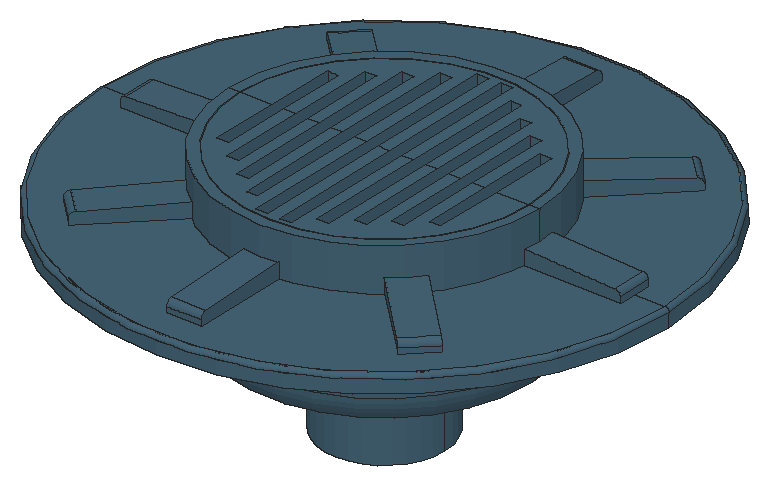
Revit family "Drain_Deck_Parking_9_Inch_Round_Top-Zurn-Z533-Heavy-Duty", category Plumbing Fixtures, Revit 2022
Family settings
  Round Connector Dimension = Use Radius
  Part Type = Normal
  OmniClass Number = 23.45.55.21
  OmniClass Title = Drains (Wastes)
  Work Plane-Based = No
  Always vertical = Yes
  Cut with Voids When Loaded = No
  Maintain Annotation Orientation = No
  Shared = No
  Room Calculation Point = No
Parameters (values of type "Load Family Catalog")
  ZN-Top = no
  Waste Connection = 1 = 1  # yes
  WFU = 0  # constant formula
  Vent Connection = 1 = 0  # no
  URL = "www.zurn.com"
  Type Comments = "Z533-3 Inch No-Hub Outlet"
  Trap Primer = 1 = 1  # yes
  Top diameter = 9.000"
  Top Grate diameter = Top diameter - 1.000"  # 8.000"
  Grate Open Area (Sq. In) = "16"
  Grate Material = Iron - Zurn - Cast - Painted - Blue
  Product data url = "https://www.bimobject.com/en/zurnindustries/product/Z533"
  Product Page URL = "https://www.zurn.com/products/drainage-interceptors/floor-drains/parking-deck/z533"
  Product Documentation Link = "https://files.zurn.com/spec-sheets/z533.pdf"
  Frame Height = 2.000"
  Connector Radius = [A_ Pipe Size (Nominal)] / 2  # 1.500"
  Model = "Z533-3NH"
  Main Material = Iron - Zurn - Cast - Painted - Blue
  HWFU = 0  # constant formula
  HW Connection = 1 = 0  # no
  Description = "9 [229] DIAMETER HEAVY-DUTY PARKING DECK DRAIN W/ SUPPORT FLANGE"  # constant formula
  CWFU = 0  # constant formula
  CW Connection = 1 = 0  # no
  Assembly Code = "D2030300"
  A_ Pipe Size (Nominal) = 3.000"
  A_ Pipe Size (Actual-Outer) = 3.500"
  A_ Pipe Size (Actual-Inner) = 3.068"
  Modified Date = "12/23/2025"  # constant formula
  Manufacurer Brand = "Zurn"  # constant formula
  Manufacturer = "Zurn Water, LLC"  # constant formula
  E_ Body Height = 5.250"
  Default Elevation = 4.000"  # constant formula
  Date Created = "11/02/2017"  # constant formula
  Approx. Weight (Lbs) = 48.000"
Reference planes (in)
  plane 1 "Center (Front/Back)": y = 0
  plane 2 "Top Level": z = -2
  plane 3 "Center (Left/Right)": x = 0
  plane 4: through (-4.38902, 4.38902, 48) normal (0.7071, 0.7071, 0)
  plane 5: through (4.7432, 4.7432, 48) normal (0.7071, -0.7071, 0)
  plane 6: x = -4.5
  plane 7: x = 4.5
  plane 8: x = -4.1875
  plane 9: x = 4.1875
  plane 10: x = -4.0625
  plane 11: x = 4.0625
  plane 12: z = -0.125
  plane 13: z = -0.625
  plane 14: x = -1.75
  plane 15: x = 1.75
  plane 16: x = -1.534
  plane 17: x = 1.534
  plane 18: z = -4.5625
  plane 19: z = -4.8125
  plane 20: z = -7.25
  plane 21: z = -2.25
  plane 22: z = 0
  plane 23: y = 1.75
  plane 24: y = -1.75
  plane 25: y = 4.5
  plane 26: y = -4.5
  plane 27: x = -8.25
  plane 28: x = 8.25
  plane 29: x = -7.25
  plane 30: x = 7.25
  plane 31: x = -6.25
  plane 32: x = 6.25
  plane 33: z = -1.25
  plane 34: z = -1.75
  plane 35: x = -8
  plane 36: z = 1
Forms (in)
  Revolve 1, solid, material "Iron - Zurn - Cast - Painted - Blue" <- "Main Material", detail levels fine
    sketch origin (0, 0, 0) x (1, 0, 0) y (0, 0, 1)
      loop
        line (-6, -2) -> (-6, -2.25) -> (-5.78473, -2.25) -> (-4.73379, -2.54774) -> (-4.61551, -3.89966)
        arc (-4.61551, -3.89966) -> (-4.29491, -4.54978) -> (-3.61932, -4.8125) r 1
        line (-3.61932, -4.8125) -> (-2.25, -4.8125)
        arc (-2.25, -4.8125) -> (-1.89645, -4.95895) -> (-1.75, -5.3125) r 0.5
        line (-1.75, -5.3125) -> (-1.75, -7.25) -> (-1.534, -7.25) -> (-1.534, -4.5625) -> (-3.61932, -4.5625)
        arc (-3.61932, -4.5625) -> (-4.12601, -4.36546) -> (-4.36647, -3.87787) r 0.75
        line (-4.36647, -3.87787) -> (-4.49977, -2.35421) -> (-5.75, -2) -> (-6, -2)
      axis (0, -7.25) -> (0, -2)
    angle from 0 to 360
  Revolve 2, solid, material "Iron - Zurn - Cast - Painted - Blue" <- "Main Material", detail levels fine
    sketch origin (0, 0, 0) x (1, 0, 0) y (0, 0, 1)
      loop
        line (-4.5, 0) -> (-4.5, -1.25) -> (-8.125, -1.25)
        arc (-8.125, -1.25) -> (-8.21339, -1.28661) -> (-8.25, -1.375) r 0.125
        line (-8.25, -1.375) -> (-8.25, -1.75) -> (-6.35, -1.75)
        arc (-6.35, -1.75) -> (-6.27929, -1.77929) -> (-6.25, -1.85) r 0.1
        line (-6.25, -1.85) -> (-6.25, -1.9)
        arc (-6.25, -1.9) -> (-6.22071, -1.97071) -> (-6.15, -2) r 0.1
        line (-6.15, -2) -> (-4.5, -2) -> (-4.5, -2.25) -> (-4.0625, -2.25) -> (-4.0625, -1.25) -> (-4.1875, -1.25) -> (-4.1875, 0) -> (-4.5, 0)
      axis (0, 0) -> (0, -2.25)
    angle from 0 to 360
  Revolve 3, solid, material "Iron - Zurn - Cast - Painted - Blue" <- "Grate Material", detail levels fine
    sketch origin (0, 0, 0) x (1, 0, 0) y (0, 0, 1)
      loop
        line (0, 0) -> (0, -0.625) -> (4.1875, -0.625) -> (4.1875, 0) -> (0, 0)
      axis (0, 0) -> (0, -0.625)
    angle from 0 to 360
  Revolve 4, solid, material "Iron - Zurn - Cast - Painted - Blue" <- "Grate Material", visible <- "ZN-Top", detail levels fine
    sketch origin (0, 0, 0) x (1, 0, 0) y (0, 0, 1)
      loop
        line (0, 0) -> (4.5, 0) -> (4.5, 0.1875) -> (0, 0.1875) -> (0, 0)
      axis (0, 0.1875) -> (0, 0)
    angle from 0 to 360
  Extrusion 5, solid, material "Iron - Zurn - Cast - Painted - Blue" <- "Main Material", visible <- "Waste Connection", detail levels fine
    sketch origin (0, 0, 0) x (-1, 0, 0) y (0, 0, 1)
      loop
        line (4.1875, -0.813) -> (4.1875, -1.438) -> (7.25, -1.438) -> (7.25, -1.09582)
        arc (7.25, -1.09582) -> (7.20273, -0.97847) -> (7.08732, -0.92664) r 0.16931
        line (7.08732, -0.92664) -> (4.1875, -0.813)
    from -0.5 to 0.5
  Extrusion 6, void
    sketch origin (0, 0, 0) x (1, 0, 0) y (0, 1, 0)
      loop
        line (-1.19737, 3.5) -> (-1.19737, -3.5) -> (-0.85526, -3.5) -> (-0.85526, 3.5) -> (-1.19737, 3.5)
      loop
        line (-1.88158, 3) -> (-1.88158, -3) -> (-1.53947, -3) -> (-1.53947, 3) -> (-1.88158, 3)
      loop
        line (-2.56579, 2.5) -> (-2.56579, -2.5) -> (-2.22368, -2.5) -> (-2.22368, 2.5) -> (-2.56579, 2.5)
      loop
        line (-3.25, 2) -> (-3.25, -2) -> (-2.90789, -2) -> (-2.90789, 2) -> (-3.25, 2)
      loop
        line (-0.51316, 4) -> (-0.51316, -4) -> (-0.17105, -4) -> (-0.17105, 4) -> (-0.51316, 4)
      loop
        line (0.17105, 4) -> (0.17105, -4) -> (0.51316, -4) -> (0.51316, 4) -> (0.17105, 4)
      loop
        line (0.85526, 3.5) -> (0.85526, -3.5) -> (1.19737, -3.5) -> (1.19737, 3.5) -> (0.85526, 3.5)
      loop
        line (1.88158, -3) -> (1.88158, 3) -> (1.53947, 3) -> (1.53947, -3) -> (1.88158, -3)
      loop
        line (2.22368, 2.5) -> (2.22368, -2.5) -> (2.56579, -2.5) -> (2.56579, 2.5) -> (2.22368, 2.5)
      loop
        line (2.90789, 2) -> (2.90789, -2) -> (3.25, -2) -> (3.25, 2) -> (2.90789, 2)
    from -0.625 to 1
  Extrusion 7, solid, material "Iron - Zurn - Cast - Painted - Blue" <- "Main Material", visible <- "Waste Connection", detail levels fine
    sketch origin (0, 0, 0) x (-0.707107, 0.707107, 0) y (0, 0, 1)
      loop
        line (4.1875, -0.813) -> (4.1875, -1.438) -> (7.25, -1.438) -> (7.25, -1.09582)
        arc (7.25, -1.09582) -> (7.20273, -0.97847) -> (7.08732, -0.92664) r 0.16931
        line (7.08732, -0.92664) -> (4.1875, -0.813)
    from -0.5 to 0.5
  Extrusion 8, solid, material "Iron - Zurn - Cast - Painted - Blue" <- "Main Material", visible <- "Waste Connection", detail levels fine
    sketch origin (0, 0, 0) x (-0.707107, -0.707107, 0) y (0, 0, 1)
      loop
        line (4.1875, -0.813) -> (4.1875, -1.438) -> (7.25, -1.438) -> (7.25, -1.09582)
        arc (7.25, -1.09582) -> (7.20273, -0.97847) -> (7.08732, -0.92664) r 0.16931
        line (7.08732, -0.92664) -> (4.1875, -0.813)
    from -0.5 to 0.5
  Extrusion 9, solid, material "Iron - Zurn - Cast - Painted - Blue" <- "Main Material", visible <- "Waste Connection", detail levels fine
    sketch origin (0, 0, 0) x (0, -1, 0) y (0, 0, 1)
      loop
        line (4.1875, -0.813) -> (4.1875, -1.438) -> (7.25, -1.438) -> (7.25, -1.09582)
        arc (7.25, -1.09582) -> (7.20273, -0.97847) -> (7.08732, -0.92664) r 0.16931
        line (7.08732, -0.92664) -> (4.1875, -0.813)
    from -0.5 to 0.5
  Extrusion 10, solid, material "Iron - Zurn - Cast - Painted - Blue" <- "Main Material", visible <- "Waste Connection", detail levels fine
    sketch origin (0, 0, 0) x (0.707107, -0.707107, 0) y (0, 0, 1)
      loop
        line (4.1875, -0.813) -> (4.1875, -1.438) -> (7.25, -1.438) -> (7.25, -1.09582)
        arc (7.25, -1.09582) -> (7.20273, -0.97847) -> (7.08732, -0.92664) r 0.16931
        line (7.08732, -0.92664) -> (4.1875, -0.813)
    from -0.5 to 0.5
  Extrusion 11, solid, material "Iron - Zurn - Cast - Painted - Blue" <- "Main Material", visible <- "Waste Connection", detail levels fine
    sketch origin (0, 0, 0) x (1, 0, 0) y (0, 0, 1)
      loop
        line (4.1875, -0.813) -> (4.1875, -1.438) -> (7.25, -1.438) -> (7.25, -1.09582)
        arc (7.25, -1.09582) -> (7.20273, -0.97847) -> (7.08732, -0.92664) r 0.16931
        line (7.08732, -0.92664) -> (4.1875, -0.813)
    from -0.5 to 0.5
  Extrusion 12, solid, material "Iron - Zurn - Cast - Painted - Blue" <- "Main Material", visible <- "Waste Connection", detail levels fine
    sketch origin (0, 0, 0) x (0.707107, 0.707107, 0) y (0, 0, 1)
      loop
        line (4.1875, -0.813) -> (4.1875, -1.438) -> (7.25, -1.438) -> (7.25, -1.09582)
        arc (7.25, -1.09582) -> (7.20273, -0.97847) -> (7.08732, -0.92664) r 0.16931
        line (7.08732, -0.92664) -> (4.1875, -0.813)
    from -0.5 to 0.5
  Extrusion 13, solid, material "Iron - Zurn - Cast - Painted - Blue" <- "Main Material", visible <- "Waste Connection", detail levels fine
    sketch origin (0, 0, 0) x (0, 1, 0) y (0, 0, 1)
      loop
        line (4.1875, -0.813) -> (4.1875, -1.438) -> (7.25, -1.438) -> (7.25, -1.09582)
        arc (7.25, -1.09582) -> (7.20273, -0.97847) -> (7.08732, -0.92664) r 0.16931
        line (7.08732, -0.92664) -> (4.1875, -0.813)
    from -0.5 to 0.5
Cuts and joins
  Extrusion 6 cuts Revolve 3
  Extrusion 6 cuts Revolve 4
Lines and regions (in)
  Masking region 1, detail levels fine
    outline origin (0, 0, -2) x (1, 0, 0) y (0, 1, 0)
      loop
        circle (0, 0) r 8.25
  model lines, detail levels coarse+medium
    curve 1: line (0, 0, 0) -> (0, 0, -7.25)
    curve 2: line (-1.75, 0, -7.25) -> (1.75, 0, -7.25)
    curve 3: line (0, 1.75, -7.25) -> (0, -1.75, -7.25)
    curve 4: circle (0, 0, 0) r 4 normal (0, 0, 1)
    curve 5: line (-3.6, 1.74356, 0) -> (-3.6, -1.74356, 0)
    curve 6: line (-2.7, 2.95127, 0) -> (-2.7, -2.95127, 0)
    curve 7: line (0, 4, 0) -> (0, -4, 0)
    curve 8: line (3.6, 1.74356, 0) -> (3.6, -1.74356, 0)
    curve 9: line (2.7, -2.95127, 0) -> (2.7, 2.95127, 0)
    curve 10: line (1.8, 3.57211, 0) -> (1.8, -3.57211, 0)
    curve 11: line (-1.8, 3.57211, 0) -> (-1.8, -3.57211, 0)
    curve 12: line (-1.74356, 3.6, 0) -> (1.74356, 3.6, 0)
    curve 13: line (-3.57211, 1.8, 0) -> (3.57211, 1.8, 0)
    curve 14: line (-4, 0, 0) -> (4, 0, 0)
    curve 15: line (-3.89744, 0.9, 0) -> (3.89744, 0.9, 0)
    curve 16: line (-2.95127, 2.7, 0) -> (2.95127, 2.7, 0)
    curve 17: line (-3.89744, -0.9, 0) -> (3.89744, -0.9, 0)
    curve 18: line (-3.57211, -1.8, 0) -> (3.57211, -1.8, 0)
    curve 19: line (-2.95127, -2.7, 0) -> (2.95127, -2.7, 0)
    curve 20: line (-1.74356, -3.6, 0) -> (1.74356, -3.6, 0)
    curve 21: circle (0, 0, 0) r 4.5 normal (0, 0, 1)
    curve 22: line (-0.9, 3.89744, 0) -> (-0.9, -3.89744, 0)
    curve 23: line (0.9, 3.89744, 0) -> (0.9, -3.89744, 0)
Dimensions and locks (in)
  locked: plane 3 "Center (Left/Right)" to plane 4
  locked: plane 5 to plane 4
  equal spacing: plane 7, plane 3 "Center (Left/Right)", plane 6
  locked: plane 7 to plane 6 at 9
  locked: plane 8 to plane 6 at 0.3125
  locked: plane 7 to plane 9 at 0.3125
  locked: plane 10 to plane 6 at 0.4375
  locked: plane 7 to plane 11 at 0.4375
  equal spacing: plane 14, plane 3 "Center (Left/Right)", plane 15
  "A_ Pipe Size (Actual-Outer)": plane 14 to plane 15
  equal spacing: plane 17, plane 3 "Center (Left/Right)", plane 16
  "A_ Pipe Size (Actual-Inner)": plane 17 to plane 16
  locked: plane 2 "Top Level" to plane 18 at 2.5625
  locked: plane 18 to plane 19 at 0.25
  "E_ Body Height": plane 2 "Top Level" to plane 20
  locked: plane 2 "Top Level" to plane 21 at 0.25
  locked: Revolve 1 sketch curve to Revolve 1 sketch curve at 0.25
  locked: Revolve 1 sketch curve to plane 14 at 0.5
  locked: plane 19 to Revolve 1 sketch curve at 0.5
  locked: plane 22 to plane 12 at 0.125
  locked: plane 22 to plane 2 "Top Level" at 2
  locked: Revolve 4 sketch curve to plane 22 at 0.1875
  "Frame Height": level to plane 2 "Top Level"
  "A_ Pipe Size (Actual-Outer)": plane 23 to plane 24
  equal spacing: plane 23, plane 1 "Center (Front/Back)", plane 24
  "Top diameter": plane 25 to plane 26
  equal spacing: plane 25, plane 1 "Center (Front/Back)", plane 26
  equal spacing: plane 28, plane 3 "Center (Left/Right)", plane 27
  locked: plane 28 to plane 27 at 16.5
  locked: plane 29 to plane 27 at 1
  locked: plane 28 to plane 30 at 1
  locked: plane 31 to plane 29 at 1
  locked: plane 30 to plane 32 at 1
  locked: plane 34 to plane 2 "Top Level" at 0.25
  plane 33 to plane 34 = 0.500"
  locked: Revolve 1 sketch curve to Revolve 1 sketch curve at 4.49977
  locked: plane 3 "Center (Left/Right)" to Revolve 1 sketch curve at 4.73379
  locked: Revolve 1 sketch curve to Revolve 1 sketch curve at 1.0923
  locked: Revolve 1 sketch curve to Revolve 1 sketch curve at 1.29944
  locked: Revolve 1 sketch curve to plane 3 "Center (Left/Right)" at 6
  Extrusion 6 sketch curve to plane 1 "Center (Front/Back)" to Extrusion 6 sketch curve = 2.000" locked, 2.000" locked  (x2)
  equal spacing: Extrusion 6 sketch curve, Extrusion 6 sketch curve, Extrusion 6 sketch curve, Extrusion 6 sketch curve, Extrusion 6 sketch curve, plane 25, locked at 0.5 each  (x2)
  equal spacing: Extrusion 6 sketch curve, Extrusion 6 sketch curve, Extrusion 6 sketch curve, Extrusion 6 sketch curve, Extrusion 6 sketch curve, plane 26, locked at 0.5 each
  locked: plane 6 to Extrusion 6 sketch curve at 1.25
  locked: Extrusion 6 sketch curve to plane 7 at 1.25
  equal spacing: plane 26, Extrusion 6 sketch curve, Extrusion 6 sketch curve, Extrusion 6 sketch curve, Extrusion 6 sketch curve, Extrusion 6 sketch curve, locked at 0.5 each
  locked: plane 36 to plane 2 "Top Level" at 3
  locked: plane 13 to plane 33 at 0.625
  equal spacing: cut or joined group of Revolve 4, Extrusion 6, cut or joined group of Revolve 4, Extrusion 6, cut or joined group of Revolve 4, Extrusion 6, cut or joined group of Revolve 4, Extrusion 6, cut or joined group of Revolve 4, Extrusion 6, cut or joined group of Revolve 4, Extrusion 6, cut or joined group of Revolve 4, Extrusion 6, cut or joined group of Revolve 4, Extrusion 6, cut or joined group of Revolve 4, Extrusion 6, cut or joined group of Revolve 4, Extrusion 6, cut or joined group of Revolve 4, Extrusion 6, cut or joined group of Revolve 4, Extrusion 6, cut or joined group of Revolve 4, Extrusion 6, cut or joined group of Revolve 4, Extrusion 6, cut or joined group of Revolve 4, Extrusion 6, cut or joined group of Revolve 4, Extrusion 6, cut or joined group of Revolve 4, Extrusion 6, cut or joined group of Revolve 4, Extrusion 6, cut or joined group of Revolve 4, Extrusion 6, cut or joined group of Revolve 4, Extrusion 6, locked at 0.34211 each
  equal spacing: plane 26, curve 20, curve 19, curve 18, curve 17, curve 14, curve 15, curve 13, curve 16, curve 12, plane 25, locked at 0.9 each
  equal spacing: plane 6, curve 5, curve 6, curve 11, curve 22, curve 7, curve 23, curve 10, curve 9, curve 8, plane 7, locked at 0.9 each
  radius of Revolve 1 sketch curve = 0.500"
  diameter of Masking region 1 sketch curve = 16.500"
  "Top diameter": diameter of curve 21
  "Top Grate diameter": diameter of curve 4
  locked: Revolve 1 sketch curve to plane 34 (angle 15.8181°)
  aligned and locked: Revolve 1 sketch curve to plane 2 "Top Level"
  aligned and locked: Revolve 1 sketch curve to plane 18
  aligned and locked: Revolve 1 sketch curve to plane 14
  aligned and locked: Revolve 1 sketch curve to plane 16
  aligned and locked: plane 18 to Revolve 1 sketch curve
  aligned and locked: plane 3 "Center (Left/Right)" to Revolve 1 sketch curve
  aligned and locked: plane 20 to Revolve 1 sketch curve
  aligned and locked: Revolve 1 sketch curve to plane 21
  aligned and locked: Revolve 2 sketch curve to plane 22
  aligned and locked: level to Revolve 2 sketch curve
  aligned and locked: Revolve 2 sketch curve to Revolve 1
  aligned and locked: Revolve 2 sketch curve to plane 3 "Center (Left/Right)"
  aligned and locked: Revolve 3 sketch curve to plane 3 "Center (Left/Right)"  (x2)
  aligned and locked: Revolve 3 sketch curve to plane 13
  aligned and locked: plane 9 to Revolve 3 sketch curve
  aligned and locked: plane 22 to Revolve 3 sketch curve
  aligned and locked: level to Revolve 3 sketch curve
  aligned and locked: Revolve 3 sketch curve to Revolve 1
  aligned and locked: Revolve 4 sketch curve to plane 3 "Center (Left/Right)"  (x2)
  aligned and locked: Revolve 4 sketch curve to plane 22
  aligned and locked: level to Revolve 4 sketch curve
  aligned and locked: Revolve 4 sketch curve to Revolve 1
  aligned and locked: plane 14 to curve 2
  aligned and locked: plane 15 to curve 2
  aligned and locked: curve 2 to plane 20
  aligned and locked: level to curve 1
  aligned and locked: plane 20 to curve 1
  aligned and locked: curve 1 to plane 3 "Center (Left/Right)"
  aligned and locked: curve 3 to plane 23
  aligned and locked: plane 24 to curve 3
  aligned and locked: curve 3 to plane 20
  aligned and locked: plane 1 "Center (Front/Back)" to Masking region 1 sketch curve
  aligned and locked: plane 3 "Center (Left/Right)" to Masking region 1 sketch curve
  aligned and locked: Revolve 2 sketch curve to plane 33  (x2)
  aligned and locked: Revolve 2 sketch curve to plane 2 "Top Level"
  aligned and locked: Revolve 2 sketch curve to plane 21
  aligned and locked: plane 1 "Center (Front/Back)" to curve 21
  aligned and locked: plane 3 "Center (Left/Right)" to curve 21
  aligned and locked: plane 6 to Revolve 2 sketch curve
  aligned and locked: Revolve 2 sketch curve to plane 8
  aligned and locked: plane 27 to Revolve 2 sketch curve
  aligned and locked: Revolve 2 sketch curve to plane 31
  aligned and locked: Revolve 2 sketch curve to plane 6
  aligned and locked: Revolve 2 sketch curve to plane 10
  aligned and locked: plane 7 to Revolve 4 sketch curve
  aligned and locked: Extrusion 6 to plane 13
  aligned and locked: plane 36 to Extrusion 6
Automatic sketch dimensions
  Revolve 1 sketch curve to Revolve 1 sketch curve = 0.000"
  Revolve 1 sketch curve to level = 0.000"
  Revolve 1 sketch curve to plane 20 = 1.42324"
  plane 18 to Revolve 1 sketch curve = 0.66284"
  Revolve 2 sketch curve to plane 34 = 0.000"
  plane 2 "Top Level" to Revolve 2 sketch curve = 0.100"
  Revolve 2 sketch curve to Revolve 2 sketch curve = 0.100"
  plane 27 to Revolve 2 sketch curve = 0.125"
  Revolve 1 sketch curve to Revolve 1 sketch curve = 0.03473"
  Extrusion 6 sketch curve to Extrusion 6 sketch curve = 0.34211"  (x8)
  plane 14 to Extrusion 6 sketch curve = 0.13158"
  Extrusion 6 sketch curve to plane 16 = 0.00547"
  plane 16 to Extrusion 6 sketch curve = 0.33663"
  Extrusion 6 sketch curve to plane 3 "Center (Left/Right)" = 0.17105"
  Extrusion 5 sketch curve to Extrusion 5 sketch curve = 0.00663"
  Extrusion 5 sketch curve to Extrusion 5 sketch curve = 0.34218"
  Extrusion 5 sketch curve to Extrusion 5 sketch curve = 2.89319"
  Extrusion 7 sketch curve to Extrusion 7 sketch curve = 0.00663"
  Extrusion 7 sketch curve to Extrusion 7 sketch curve = 0.34218"
  Extrusion 7 sketch curve to Extrusion 7 sketch curve = 2.89319"
  Extrusion 8 sketch curve to Extrusion 8 sketch curve = 0.00663"
  Extrusion 8 sketch curve to Extrusion 8 sketch curve = 0.34218"
  Extrusion 8 sketch curve to Extrusion 8 sketch curve = 2.89319"
  Extrusion 9 sketch curve to Extrusion 9 sketch curve = 0.00663"
  Extrusion 9 sketch curve to Extrusion 9 sketch curve = 0.34218"
  Extrusion 9 sketch curve to Extrusion 9 sketch curve = 2.89319"
  Extrusion 10 sketch curve to Extrusion 10 sketch curve = 0.00663"
  Extrusion 10 sketch curve to Extrusion 10 sketch curve = 0.34218"
  Extrusion 10 sketch curve to Extrusion 10 sketch curve = 2.89319"
  Extrusion 11 sketch curve to Extrusion 11 sketch curve = 0.00663"
  Extrusion 11 sketch curve to Extrusion 11 sketch curve = 0.34218"
  Extrusion 11 sketch curve to Extrusion 11 sketch curve = 2.89319"
  Extrusion 12 sketch curve to Extrusion 12 sketch curve = 0.00663"
  Extrusion 12 sketch curve to Extrusion 12 sketch curve = 0.34218"
  Extrusion 12 sketch curve to Extrusion 12 sketch curve = 2.89319"
  Extrusion 13 sketch curve to Extrusion 13 sketch curve = 0.00663"
  Extrusion 13 sketch curve to Extrusion 13 sketch curve = 0.34218"
  Extrusion 13 sketch curve to Extrusion 13 sketch curve = 2.89319"
  Extrusion 13 sketch curve to Extrusion 13 sketch curve = 0.16931"
  Extrusion 5 sketch curve to Extrusion 5 sketch curve = 0.16931"
  Extrusion 7 sketch curve to Extrusion 7 sketch curve = 0.16931"
  Extrusion 8 sketch curve to Extrusion 8 sketch curve = 0.16931"
  Extrusion 9 sketch curve to Extrusion 9 sketch curve = 0.16931"
  Extrusion 10 sketch curve to Extrusion 10 sketch curve = 0.16931"
  Extrusion 11 sketch curve to Extrusion 11 sketch curve = 0.16931"
  Extrusion 12 sketch curve to Extrusion 12 sketch curve = 0.16931"
  plane 3 "Center (Left/Right)" to Extrusion 6 sketch curve = 0.17105"
  Extrusion 6 sketch curve to plane 17 = 0.67874"
  Extrusion 6 sketch curve to plane 17 = 0.33663"
  plane 17 to Extrusion 6 sketch curve = 0.00547"
  Extrusion 6 sketch curve to plane 15 = 0.13158"
  Extrusion 6 sketch curve to plane 15 = 0.47368"
  curve 4 to curve 21 = 0.000"  (x2)
Connectors (in)
  piping at (0, 0, -7.25), diameter 3, driven by "Connector Radius", driven by "Waste Connection"
    settings: on Revolve 1, index 1, connector inside diameter 24", connector length 0.000", flow factor 0, pipe flow 0 GPM, pressure drop 0.00 psi, fitting loss kfactor 0, connector angle 0.00°, fixture units 0, engagement length 0.000", angle of deflection 0.00°, flow configuration 0, flow direction 2, fitting loss method 0, system type 16, joint type 0, gender type 0, connector reference index -1, connector utility 1, adjustable connector no, is connector primary yes, connector description "Sanitary Outlet"
Types in the file's own list only (8): name | ZN-Top | Type Comments | Top diameter | Top Grate diameter | Grate Material | Frame Height | Connector Radius | Model | A_ Pipe Size (Nominal) | A_ Pipe Size (Actual-Outer) | A_ Pipe Size (Actual-Inner) | E_ Body Height | Default Elevation | Approx. Weight (Lbs)
  Z533-3NH | No | "Z533-3 Inch No-Hub Outlet" | 9.000 " | 8.000 " | Iron - Zurn - Cast - Painted - Blue | 2.000 " | 1.500 " | "Z533-3NH" | 3.000 " | 3.500 " | 3.068 " | 5.250 " | 4.000 " | 48.000 "
  Z533-4NH | No | "Z533-4 Inch No-Hub Outlet" | 9.000 " | 8.000 " | Iron - Zurn - Cast - Painted - Blue | 2.000 " | 2.000 " | "Z533-4NH" | 4.000 " | 4.500 " | 4.026 " | 5.250 " | 4.000 " | 48.000 "
  Z533-3NL | No | "Z533-3 Inch Neo-Loc Outlet" | 9.000 " | 8.000 " | Iron - Zurn - Cast - Painted - Blue | 2.000 " | 1.500 " | "Z533-3NL" | 3.000 " | 3.500 " | 3.068 " | 4.563 " | 4.000 " | 48.000 "
  Z533-4NL | No | "Z533-4 Inch Neo-Loc Outlet" | 9.000 " | 8.000 " | Iron - Zurn - Cast - Painted - Blue | 2.000 " | 2.000 " | "Z533-4NL" | 4.000 " | 4.500 " | 4.026 " | 4.563 " | 4.000 " | 48.000 "
  ZN533-3NH | Yes | "ZN533-3 Inch No-Hub Outlet with Polished Nickel Bronze Top" | 9.000 " | 8.000 " | Bronze - Zurn - Polished Nickel | 2.188 " | 1.500 " | "ZN533-3NH" | 3.000 " | 3.500 " | 3.068 " | 5.250 " | 4.000 " | 48.000 "
  ZN533-4NH | Yes | "ZN533-4 Inch No-Hub Outlet with Polished Nickel Bronze Top" | 9.000 " | 8.000 " | Bronze - Zurn - Polished Nickel | 2.188 " | 2.000 " | "ZN533-4NH" | 4.000 " | 4.500 " | 4.026 " | 5.250 " | 4.000 " | 48.000 "
  ZN533-3NL | Yes | "ZN533-3 Inch Neo-Loc Outlet with Polished Nickel Bronze Top" | 9.000 " | 8.000 " | Bronze - Zurn - Polished Nickel | 2.188 " | 1.500 " | "ZN533-3NL" | 3.000 " | 3.500 " | 3.068 " | 4.563 " | 4.000 " | 48.000 "
  ZN533-4NL | Yes | "ZN533-4 Inch Neo-Loc Outlet with Polished Nickel Bronze Top" | 9.000 " | 8.000 " | Bronze - Zurn - Polished Nickel | 2.188 " | 2.000 " | "ZN533-4NL" | 4.000 " | 4.500 " | 4.026 " | 4.563 " | 4.000 " | 48.000 "
